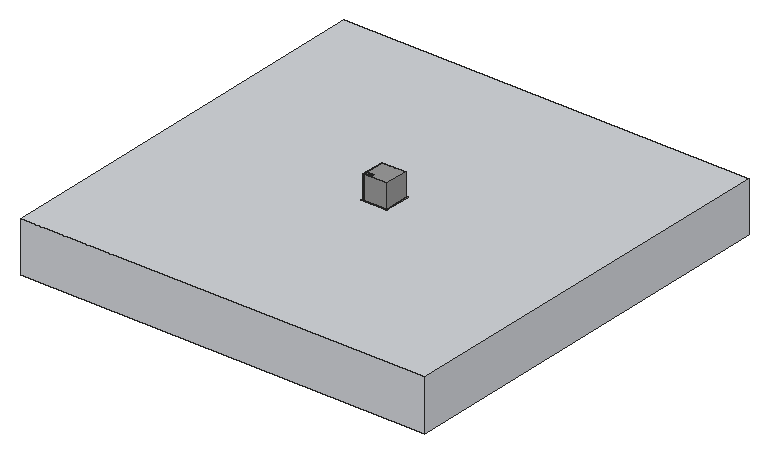
Revit family "LAMP_PUZZLE IND", category Modelos genéricos, Revit 2015
Parameters (values of type "1405LM 3000 BLACK FLOOD")
  Weight = 1.09 kg
  Type = "COB PHILIPS"
  Protection rating = "IP20"
  Product datasheet = "http://www.lamp.es/product-files/TECH/PU2RE115FL830NB-EN.pdf"
  Product code = "PU2RE115FL830NB"
  Product URL = "http://www.lamp.es/en/family/puzzle_33321"
  Power Supply = "220-240V 50-60Hz"
  Power = 8 W
  Plum = 9.7 W
  Photometric web file = Aro exterior : 1405LM 3000 BLACK FLOOD
  Modelo = Product code  # "PU2RE115FL830NB"
  Model explanation = "Availability of tilting between -25º and 25º in both directions when placed in a project."  # constant formula
  Material caja = LAMP_Aluminio aro Puzzle BL
  Manufacturer name = "LAMP"
  Manufacturer country = "Spain"
  Manufacturer URL = "http://www.lamp.es/en"
  MacAdam = "3"
  Luminaire type = "Indoor - Recesses luminaire"
  Last update = "24/07/2018"
  Lamp = "COB LED"
  LED Lifetime = "50.000 L90 B10"
  Interior Tilting [instance] = 0.00°
  Insulation class = "II"
  Installation instructions = "http://www.lamp.es/product-files/INS/1000620-L-INSTR.%20LUMINARIA%20PUZZLE%20PARA%20PROYECCI%C3%93N.pdf"
  Initial intensity = 1405 lm
  Initial color = 3000 K
  IEE = "A++"
  Height = 139 mm
  Gear = "Electronic"
  Finish = "Matte black"
  Fabricante = Manufacturer name  # "LAMP"
  Exterior Tilting [instance] = 0.00°
  Default Elevation = 1219.2 mm
  Efficacy = 144.8 lm/W
  Dimensions = "140 x 140 x 139"
  Descripción = "PUZZLE G2 IND 1500 WW FL BK."
  Comentarios de tipo = Model explanation  # "Availability of tilting between -25º and 25º in both directions when placed in a project."
  CRI = "80"
  Angulo aro interior [instance] = if(Interior Tilting < -25.00°, 65.00°, if(Interior Tilting > 25.00°, 115.00°, Interior Tilting + 90.00°))  # 90.00°
  Angulo aro exterior [instance] = if(Exterior Tilting < -25.00°, 65.00°, if(Exterior Tilting > 25.00°, 115.00°, Exterior Tilting + 90.00°))  # 90.00°
Types (32, lengths in mm): name | Weight | Product datasheet | Product code | Power | Plum | Photometric web file | Modelo | Material caja | LED Lifetime | Initial intensity | Initial color | IEE | Finish | Efficacy | Descripción
  1405LM 3000 BLACK FLOOD | 1.09 kg | "http://www.lamp.es/product-files/TECH/PU2RE115FL830NB-EN.pdf" | "PU2RE115FL830NB" | 8 W | 9.7 W | Aro exterior : 1405LM 3000 BLACK FLOOD | "PU2RE115FL830NB" | LAMP_Aluminio aro Puzzle BL | "50.000 L90 B10" | 1405 lm | 3000 K | "A++" | "Matte black" | 144.8 lm/W | "PUZZLE G2 IND 1500 WW FL BK."
  1405LM 3000 WHITE FLOOD | 1.09 kg | "http://www.lamp.es/product-files/TECH/PU2RE115FL830NW-EN.pdf" | "PU2RE115FL830NW" | 8 W | 9.7 W | Aro exterior : 1405LM 3000 WHITE FLOOD | "PU2RE115FL830NW" | LAMP_Aluminio aro Puzzle WH | "50.000 L90 B10" | 1405 lm | 3000 K | "A++" | "Matte white" | 144.8 lm/W | "PUZZLE G2 IND 1500 WW FL WH."
  1421LM 3000 BLACK MEDIUM FLOOD | 1.09 kg | "http://www.lamp.es/product-files/TECH/PU2RE115MF830NB-EN.pdf" | "PU2RE115MF830NB" | 8 W | 9.7 W | Aro exterior : 1421LM 3000 BLACK MEDIUM FLOOD | "PU2RE115MF830NB" | LAMP_Aluminio aro Puzzle BL | "50.000 L90 B10" | 1421 lm | 3000 K | "A++" | "Matte black" | 146.5 lm/W | "PUZZLE G2 IND 1500 WW MFL BK."
  1421LM 3000 WHITE MEDIUM FLOOD | 1.09 kg | "http://www.lamp.es/product-files/TECH/PU2RE115MF830NW-EN.pdf" | "PU2RE115MF830NW" | 8 W | 9.7 W | Aro exterior : 1421LM 3000 WHITE MEDIUM FLOOD | "PU2RE115MF830NW" | LAMP_Aluminio aro Puzzle WH | "50.000 L90 B10" | 1421 lm | 3000 K | "A++" | "Matte white" | 146.5 lm/W | "PUZZLE G2 IND 1500 WW MFL WH."
  1464LM 4000 BLACK FLOOD | 1.09 kg | "http://www.lamp.es/product-files/TECH/PU2RE115FL840NB-EN.pdf" | "PU2RE115FL840NB" | 8 W | 9.7 W | Aro exterior : 1464LM 4000 BLACK FLOOD | "PU2RE115FL840NB" | LAMP_Aluminio aro Puzzle BL | "50.000 L90 B10" | 1464 lm | 4000 K | "A++" | "Matte black" | 150.9 lm/W | "PUZZLE G2 IND 1500 NW FL BK."
  1464LM 4000 WHITE FLOOD | 1.09 kg | "http://www.lamp.es/product-files/TECH/PU2RE115FL840NW-EN.pdf" | "PU2RE115FL840NW" | 8 W | 9.7 W | Aro exterior : 1464LM 4000 WHITE FLOOD | "PU2RE115FL840NW" | LAMP_Aluminio aro Puzzle WH | "50.000 L90 B10" | 1464 lm | 4000 K | "A++" | "Matte white" | 150.9 lm/W | "PUZZLE G2 IND 1500 NW FL WH."
  1480LM 4000 BLACK MEDIUM FLOOD | 1.09 kg | "http://www.lamp.es/product-files/TECH/PU2RE115MF840NB-EN.pdf" | "PU2RE115MF840NB" | 8 W | 9.7 W | Aro exterior : 1480LM 4000 BLACK MEDIUM FLOOD | "PU2RE115MF840NB" | LAMP_Aluminio aro Puzzle BL | "50.000 L90 B10" | 1480 lm | 4000 K | "A++" | "Matte black" | 152.6 lm/W | "PUZZLE G2 IND 1500 NW MFL BK."
  1480LM 4000 WHITE MEDIUM FLOOD | 1.09 kg | "http://www.lamp.es/product-files/TECH/PU2RE115MF840NW-EN.pdf" | "PU2RE115MF840NW" | 8 W | 9.7 W | Aro exterior : 1480LM 4000 WHITE MEDIUM FLOOD | "PU2RE115MF840NW" | LAMP_Aluminio aro Puzzle WH | "50.000 L90 B10" | 1480 lm | 4000 K | "A++" | "Matte white" | 152.6 lm/W | "PUZZLE G2 IND 1500 NW MFL WH."
  2344LM 3000 BLACK FLOOD | 1.09 kg | "http://www.lamp.es/product-files/TECH/PU2RE125FL830NB-EN.pdf" | "PU2RE125FL830NB" | 18 W | 18.9 W | Aro exterior : 2344LM 3000 BLACK FLOOD | "PU2RE125FL830NB" | LAMP_Aluminio aro Puzzle BL | "50.000 L80 B10" | 2344 lm | 3000 K | "A++" | "Matte black" | 124 lm/W | "PUZZLE G2 IND 2500 WW FL BK."
  2344LM 3000 WHITE FLOOD | 1.09 kg | "http://www.lamp.es/product-files/TECH/PU2RE125FL830NW-EN.pdf" | "PU2RE125FL830NW" | 18 W | 18.9 W | Aro exterior : 2344LM 3000 WHITE FLOOD | "PU2RE125FL830NW" | LAMP_Aluminio aro Puzzle WH | "50.000 L80 B10" | 2344 lm | 3000 K | "A++" | "Matte white" | 124 lm/W | "PUZZLE G2 IND 2500 WW FL WH."
  2368LM 3000 BLACK MEDIUM FLOOD | 1.09 kg | "http://www.lamp.es/product-files/TECH/PU2RE125MF830NB-EN.pdf" | "PU2RE125MF830NB" | 18 W | 18.9 W | Aro exterior : 2368LM 3000 BLACK MEDIUM FLOOD | "PU2RE125MF830NB" | LAMP_Aluminio aro Puzzle BL | "50.000 L80 B10" | 2368 lm | 3000 K | "A++" | "Matte black" | 125.3 lm/W | "PUZZLE G2 IND 2500 WW MFL BK."
  2368LM 3000 WHITE MEDIUM FLOOD | 1.09 kg | "http://www.lamp.es/product-files/TECH/PU2RE125MF830NW-EN.pdf" | "PU2RE125MF830NW" | 18 W | 18.9 W | Aro exterior : 2368LM 3000 WHITE MEDIUM FLOOD | "PU2RE125MF830NW" | LAMP_Aluminio aro Puzzle WH | "50.000 L80 B10" | 2368 lm | 3000 K | "A++" | "Matte white" | 125.3 lm/W | "PUZZLE G2 IND 2500 WW MFL WH."
  2442LM 4000 BLACK FLOOD | 1.09 kg | "http://www.lamp.es/product-files/TECH/PU2RE125FL840NB-EN.pdf" | "PU2RE125FL840NB" | 18 W | 18.9 W | Aro exterior : 2442LM 4000 BLACK FLOOD | "PU2RE125FL840NB" | LAMP_Aluminio aro Puzzle BL | "50.000 L80 B10" | 2442 lm | 4000 K | "A++" | "Matte black" | 129.2 lm/W | "PUZZLE G2 IND 2500 NW FL BK."
  2442LM 4000 WHITE FLOOD | 1.09 kg | "http://www.lamp.es/product-files/TECH/PU2RE125FL840NW-EN.pdf" | "PU2RE125FL840NW" | 18 W | 18.9 W | Aro exterior : 2442LM 4000 WHITE FLOOD | "PU2RE125FL840NW" | LAMP_Aluminio aro Puzzle WH | "50.000 L80 B10" | 2442 lm | 4000 K | "A++" | "Matte white" | 129.2 lm/W | "PUZZLE G2 IND 2500 NW FL WH."
  2466LM 4000 BLACK MEDIUM FLOOD | 1.09 kg | "http://www.lamp.es/product-files/TECH/PU2RE125MF840NB-EN.pdf" | "PU2RE125MF840NB" | 18 W | 18.9 W | Aro exterior : 2466LM 4000 BLACK MEDIUM FLOOD | "PU2RE125MF840NB" | LAMP_Aluminio aro Puzzle BL | "50.000 L80 B10" | 2466 lm | 4000 K | "A++" | "Matte black" | 130.5 lm/W | "PUZZLE G2 IND 2500 NW MFL BK."
  2466LM 4000 WHITE MEDIUM FLOOD | 1.09 kg | "http://www.lamp.es/product-files/TECH/PU2RE125MF840NW-EN.pdf" | "PU2RE125MF840NW" | 18 W | 18.9 W | Aro exterior : 2466LM 4000 WHITE MEDIUM FLOOD | "PU2RE125MF840NW" | LAMP_Aluminio aro Puzzle WH | "50.000 L80 B10" | 2466 lm | 4000 K | "A++" | "Matte white" | 130.5 lm/W | "PUZZLE G2 IND 2500 NW MFL WH."
  3197LM 3000 BLACK FLOOD | 1.142 kg | "http://www.lamp.es/product-files/TECH/PU2RE135FL830NB-EN.pdf" | "PU2RE135FL830NB" | 27 W | 33.1 W | Aro exterior : 3197LM 3000 BLACK FLOOD | "PU2RE135FL830NB" | LAMP_Aluminio aro Puzzle BL | "50.000 L70 B10" | 3197 lm | 3000 K | "A+" | "Matte black" | 96.6 lm/W | "PUZZLE G2 IND 3500 WW FL BK."
  3197LM 3000 WHITE FLOOD | 1.142 kg | "http://www.lamp.es/product-files/TECH/PU2RE135FL830NW-EN.pdf" | "PU2RE135FL830NW" | 27 W | 33.1 W | Aro exterior : 3197LM 3000 WHITE FLOOD | "PU2RE135FL830NW" | LAMP_Aluminio aro Puzzle WH | "50.000 L70 B10" | 3197 lm | 3000 K | "A+" | "Matte white" | 96.6 lm/W | "PUZZLE G2 IND 3500 WW FL WH."
  3229LM 3000 BLACK MEDIUM FLOOD | 1.142 kg | "http://www.lamp.es/product-files/TECH/PU2RE135MF830NB-EN.pdf" | "PU2RE135MF830NB" | 27 W | 33.1 W | Aro exterior : 3229LM 3000 BLACK MEDIUM FLOOD | "PU2RE135MF830NB" | LAMP_Aluminio aro Puzzle BL | "50.000 L70 B10" | 3229 lm | 3000 K | "A+" | "Matte black" | 97.6 lm/W | "PUZZLE G2 IND 3500 WW MFL BK."
  3229LM 3000 WHITE MEDIUM FLOOD | 1.142 kg | "http://www.lamp.es/product-files/TECH/PU2RE135MF830NW-EN.pdf" | "PU2RE135MF830NW" | 27 W | 33.1 W | Aro exterior : 3229LM 3000 WHITE MEDIUM FLOOD | "PU2RE135MF830NW" | LAMP_Aluminio aro Puzzle WH | "50.000 L70 B10" | 3229 lm | 3000 K | "A+" | "Matte white" | 97.6 lm/W | "PUZZLE G2 IND 3500 WW MFL WH."
  3330LM 4000 BLACK FLOOD | 1.142 kg | "http://www.lamp.es/product-files/TECH/PU2RE135FL840NB-EN.pdf" | "PU2RE135FL840NB" | 27 W | 33.1 W | Aro exterior : 3330LM 4000 BLACK FLOOD | "PU2RE135FL840NB" | LAMP_Aluminio aro Puzzle BL | "50.000 L70 B10" | 3330 lm | 4000 K | "A+" | "Matte black" | 100.6 lm/W | "PUZZLE G2 IND 3500 NW FL BK."
  3330LM 4000 WHITE FLOOD | 1.142 kg | "http://www.lamp.es/product-files/TECH/PU2RE135FL840NW-EN.pdf" | "PU2RE135FL840NW" | 27 W | 33.1 W | Aro exterior : 3330LM 4000 WHITE FLOOD | "PU2RE135FL840NW" | LAMP_Aluminio aro Puzzle WH | "50.000 L70 B10" | 3330 lm | 4000 K | "A+" | "Matte white" | 100.6 lm/W | "PUZZLE G2 IND 3500 NW FL WH."
  3363LM 4000 BLACK MEDIUM FLOOD | 1.142 kg | "http://www.lamp.es/product-files/TECH/PU2RE135MF840NB-EN.pdf" | "PU2RE135MF840NB" | 27 W | 33.1 W | Aro exterior : 3363LM 4000 BLACK MEDIUM FLOOD | "PU2RE135MF840NB" | LAMP_Aluminio aro Puzzle BL | "50.000 L70 B10" | 3363 lm | 4000 K | "A+" | "Matte black" | 101.6 lm/W | "PUZZLE G2 IND 3500 NW MFL BK."
  3363LM 4000 WHITE MEDIUM FLOOD | 1.142 kg | "http://www.lamp.es/product-files/TECH/PU2RE135MF840NW-EN.pdf" | "PU2RE135MF840NW" | 27 W | 33.1 W | Aro exterior : 3363LM 4000 WHITE MEDIUM FLOOD | "PU2RE135MF840NW" | LAMP_Aluminio aro Puzzle WH | "50.000 L70 B10" | 3363 lm | 4000 K | "A+" | "Matte white" | 101.6 lm/W | "PUZZLE G2 IND 3500 NW MFL WH."
  4051LM 3000 BLACK MEDIUM FLOOD | 1.22 kg | "http://www.lamp.es/product-files/TECH/PU2RE145MF830NB-EN.pdf" | "PU2RE145MF830NB" | 33 W | 38.2 W | Aro exterior : 4051LM 3000 BLACK MEDIUM FLOOD | "PU2RE145MF830NB" | LAMP_Aluminio aro Puzzle BL | "50.000 L80 B10" | 4051 lm | 3000 K | "A+" | "Matte black" | 106 lm/W | "PUZZLE G2 IND 4600 WW MFL BK."
  4051LM 3000 WHITE MEDIUM FLOOD | 1.22 kg | "http://www.lamp.es/product-files/TECH/PU2RE145MF830NW-EN.pdf" | "PU2RE145MF830NW" | 33 W | 38.2 W | Aro exterior : 4051LM 3000 WHITE MEDIUM FLOOD | "PU2RE145MF830NW" | LAMP_Aluminio aro Puzzle WH | "50.000 L80 B10" | 4051 lm | 3000 K | "A+" | "Matte white" | 106 lm/W | "PUZZLE G2 IND 4600 WW MFL WH."
  4137LM 3000 BLACK FLOOD | 1.22 kg | "http://www.lamp.es/product-files/TECH/PU2RE145FL830NB-EN.pdf" | "PU2RE145FL830NB" | 33 W | 38.2 W | Aro exterior : 4137LM 3000 BLACK FLOOD | "PU2RE145FL830NB" | LAMP_Aluminio aro Puzzle BL | "50.000 L80 B10" | 4137 lm | 3000 K | "A+" | "Matte black" | 108.3 lm/W | "PUZZLE G2 IND 4600 WW FL BK."
  4137LM 3000 WHITE FLOOD | 1.22 kg | "http://www.lamp.es/product-files/TECH/PU2RE145FL830NW-EN.pdf" | "PU2RE145FL830NW" | 33 W | 38.2 W | Aro exterior : 4137LM 3000 WHITE FLOOD | "PU2RE145FL830NW" | LAMP_Aluminio aro Puzzle WH | "50.000 L80 B10" | 4137 lm | 3000 K | "A+" | "Matte white" | 108.3 lm/W | "PUZZLE G2 IND 4600 WW FL WH."
  4220LM 4000 BLACK MEDIUM FLOOD | 1.22 kg | "http://www.lamp.es/product-files/TECH/PU2RE145MF840NB-EN.pdf" | "PU2RE145MF840NB" | 33 W | 38.2 W | Aro exterior : 4220LM 4000 BLACK MEDIUM FLOOD | "PU2RE145MF840NB" | LAMP_Aluminio aro Puzzle BL | "50.000 L80 B10" | 4220 lm | 4000 K | "A+" | "Matte black" | 110.5 lm/W | "PUZZLE G2 IND 4600 NW MFL BK."
  4220LM 4000 WHITE MEDIUM FLOOD | 1.22 kg | "http://www.lamp.es/product-files/TECH/PU2RE145MF840NW-EN.pdf" | "PU2RE145MF840NW" | 33 W | 38.2 W | Aro exterior : 4220LM 4000 WHITE MEDIUM FLOOD | "PU2RE145MF840NW" | LAMP_Aluminio aro Puzzle WH | "50.000 L80 B10" | 4220 lm | 4000 K | "A+" | "Matte white" | 110.5 lm/W | "PUZZLE G2 IND 4600 NW MFL WH."
  4309LM 4000 BLACK FLOOD | 1.22 kg | "http://www.lamp.es/product-files/TECH/PU2RE145FL840NB-EN.pdf" | "PU2RE145FL840NB" | 33 W | 38.2 W | Aro exterior : 4309LM 4000 BLACK FLOOD | "PU2RE145FL840NB" | LAMP_Aluminio aro Puzzle BL | "50.000 L80 B10" | 4309 lm | 4000 K | "A+" | "Matte black" | 112.8 lm/W | "PUZZLE G2 IND 4600 NW FL BK."
  4309LM 4000 WHITE FLOOD | 1.22 kg | "http://www.lamp.es/product-files/TECH/PU2RE145FL840NW-EN.pdf" | "PU2RE145FL840NW" | 33 W | 38.2 W | Aro exterior : 4309LM 4000 WHITE FLOOD | "PU2RE145FL840NW" | LAMP_Aluminio aro Puzzle WH | "50.000 L80 B10" | 4309 lm | 4000 K | "A+" | "Matte white" | 112.8 lm/W | "PUZZLE G2 IND 4600 NW FL WH."
Reference planes
  plane 1 "Centro (Frontal/Posterior)": y = 0
  plane 2: z = 0
  plane 3 "Centro (Izquierda/Derecha)": x = 0
Forms (mm)
  Extrusion 1, solid
    sketch origin (0, 0, 0) x (1, 0, 0) y (0, 1, 0)
      loop
        line (-1219.2, 1219.2) -> (-1219.2, -1219.2) -> (1219.2, -1219.2) -> (1219.2, 1219.2) -> (-1219.2, 1219.2)
    from 0 to -304.8
  Extrusion 2, solid, material "LAMP_Aluminio aro Puzzle BL" <- "Material caja"
    sketch origin (0, 0, 0) x (1, 0, 0) y (0, 1, 0)
      loop
        line (-78.5, 78.5) -> (-78.5, -78.5) -> (78.5, -78.5) -> (78.5, 78.5) -> (-78.5, 78.5)
      loop
        line (69.5, 69.5) -> (-69.5, 69.5) -> (-69.5, -69.5) -> (69.5, -69.5) -> (69.5, 69.5)
    from 0 to 1
  Extrusion 3, solid, material "LAMP_Aluminio aro Puzzle BL" <- "Material caja"
    sketch origin (0, 0, 0) x (1, 0, 0) y (0, 1, 0)
      loop
        line (70.5, 70.5) -> (-70.5, 70.5) -> (-70.5, -70.5) -> (70.5, -70.5) -> (70.5, 70.5)
    from 1 to 140
  Extrusion 4, void
    sketch origin (0, 0, 0) x (1, 0, 0) y (0, 1, 0)
      loop
        line (-69.5, 69.5) -> (-69.5, -69.5) -> (69.5, -69.5) -> (69.5, 69.5) -> (-69.5, 69.5)
    from 0 to 139
  Extrusion 5, solid, material "LAMP_Aluminio aro Puzzle BL" <- "Material caja"
    sketch origin (0, 0, 0) x (1, 0, 0) y (0, 1, 0)
      loop
        arc (-65.16, -65.541) -> (-64.942, -66.068) -> (-64.415, -66.286) r 0.745
        line (-64.415, -66.286) -> (-59.875, -66.286)
        arc (-59.875, -66.286) -> (-59.425, -66.142) -> (-59.142, -65.763) r 0.775
        line (-59.142, -65.763) -> (-54.602, -52.568) -> (-50.087, -65.691)
        arc (-50.087, -65.691) -> (-49.821, -66.047) -> (-49.399, -66.182) r 0.727
        line (-49.399, -66.182) -> (-45.978, -66.182)
        arc (-45.978, -66.182) -> (-45.463, -65.968) -> (-45.249, -65.453) r 0.729
        line (-45.249, -65.453) -> (-45.249, -52.637) -> (-41.295, -56.591) -> (-37.19, -52.485) -> (-37.19, -65.579)
        arc (-37.19, -65.579) -> (-36.983, -66.079) -> (-36.482, -66.286) r 0.708
        line (-36.482, -66.286) -> (-31.405, -66.286)
        arc (-31.405, -66.286) -> (-30.864, -66.062) -> (-30.639, -65.52) r 0.766
        line (-30.639, -65.52) -> (-30.639, -53.12)
        arc (-30.639, -53.12) -> (-30.423, -52.597) -> (-29.899, -52.38) r 0.74
        line (-29.899, -52.38) -> (-26.455, -52.38)
        arc (-26.455, -52.38) -> (-25.916, -52.603) -> (-25.693, -53.142) r 0.762
        line (-25.693, -53.142) -> (-25.693, -55.745)
        arc (-25.693, -55.745) -> (-25.915, -56.28) -> (-26.451, -56.502) r 0.758
        line (-26.451, -56.502) -> (-29.622, -56.502)
        arc (-29.622, -56.502) -> (-30.446, -57.327) -> (-29.622, -58.151) r 0.824
        line (-29.622, -58.151) -> (-24.783, -58.151)
        arc (-24.783, -58.151) -> (-24.261, -57.934) -> (-24.044, -57.412) r 0.739
        line (-24.044, -57.412) -> (-24.044, -51.507)
        arc (-24.044, -51.507) -> (-24.271, -50.959) -> (-24.82, -50.731) r 0.776
        line (-24.82, -50.731) -> (-31.522, -50.731)
        arc (-31.522, -50.731) -> (-32.064, -50.956) -> (-32.288, -51.497) r 0.766
        line (-32.288, -51.497) -> (-32.288, -63.892)
        arc (-32.288, -63.892) -> (-32.513, -64.434) -> (-33.055, -64.659) r 0.766
        line (-33.055, -64.659) -> (-34.75, -64.659)
        arc (-34.75, -64.659) -> (-35.289, -64.435) -> (-35.512, -63.897) r 0.762
        line (-35.512, -63.897) -> (-35.512, -52.249)
        arc (-35.512, -52.249) -> (-36.708, -50.587) -> (-38.665, -51.193) r 1.753
        line (-38.665, -51.193) -> (-41.295, -53.823) -> (-43.926, -51.193)
        arc (-43.926, -51.193) -> (-45.882, -50.587) -> (-47.078, -52.249) r 1.753
        line (-47.078, -52.249) -> (-47.078, -63.71)
        arc (-47.078, -63.71) -> (-47.868, -64.643) -> (-48.919, -64.018) r 0.946
        line (-48.919, -64.018) -> (-53.126, -51.785)
        arc (-53.126, -51.785) -> (-54.602, -50.731) -> (-56.078, -51.785) r 1.561
        line (-56.078, -51.785) -> (-60.327, -64.14)
        arc (-60.327, -64.14) -> (-60.608, -64.516) -> (-61.054, -64.659) r 0.768
        line (-61.054, -64.659) -> (-62.779, -64.659)
        arc (-62.779, -64.659) -> (-63.297, -64.444) -> (-63.511, -63.926) r 0.733
        line (-63.511, -63.926) -> (-63.511, -51.468)
        arc (-63.511, -51.468) -> (-64.336, -50.644) -> (-65.16, -51.468) r 0.824
        line (-65.16, -51.468) -> (-65.16, -65.541)
    from 140 to 141
Cuts and joins
  Extrusion 4 cuts Extrusion 3
  joined: Extrusion 2, Extrusion 3
Text (mm)
  text "Any modification of the parameters and properties of the LAMP BIM models must be executed and validated by the LAMP technical department.\n\nPhone: +34 93 736 68 00\n\nE-mail: lamp@lamp.es\n\n\n\nLAMP reserves the right to modify the technical specifications of its products." at (-20699.078, 12903.894, -10290.96), in view "Preview"
Dimensions and locks
  aligned and locked: plane 2 to Extrusion 1
  aligned and locked: level to Extrusion 1
Nested families
  nested 1: "Aro exterior" at (0, 0, 0), type <- "Photometric web file", type "1405LM 3000 BLACK FLOOD"
Connectors
  electrical at (0, 0, 140)
    settings: on cut or joined group of Extrusion 2, Extrusion 3, Extrusion 4, index 1, voltage 230 V, apparent load 0 VA, apparent load phase1 0 VA, apparent load phase2 0 VA, apparent load phase3 0 VA, power factor 1, load classification "Otro", number of poles 1, system type 31, power factor state 1, is connector primary yes, connector utility no, sub classification motor no, connector description ""
Definition of nested family "Aro exterior"
  Parameters (values of type "1405LM 3000 BLACK FLOOD")
    Exterior tilting = 90.00°
    Interior tilting = 90.00°
    Photometric web file = Aro interior : 1405LM 3000 BLACK FLOOD
    Material aro = none
  Types (33, lengths in mm): name | Photometric web file
    (no name) | Aro interior : 1405LM 3000 BLACK FLOOD
    1405LM 3000 BLACK FLOOD | Aro interior : 1405LM 3000 BLACK FLOOD
    1405LM 3000 WHITE FLOOD | Aro interior : 1405LM 3000 WHITE FLOOD
    1421LM 3000 BLACK MEDIUM FLOOD | Aro interior : 1421LM 3000 BLACK MEDIUM FLOOD
    1421LM 3000 WHITE MEDIUM FLOOD | Aro interior : 1421LM 3000 WHITE MEDIUM FLOOD
    1464LM 4000 BLACK FLOOD | Aro interior : 1464LM 4000 BLACK FLOOD
    1464LM 4000 WHITE FLOOD | Aro interior : 1464LM 4000 WHITE FLOOD
    1480LM 4000 BLACK MEDIUM FLOOD | Aro interior : 1480LM 4000 BLACK MEDIUM FLOOD
    1480LM 4000 WHITE MEDIUM FLOOD | Aro interior : 1480LM 4000 WHITE MEDIUM FLOOD
    2344LM 3000 BLACK FLOOD | Aro interior : 2344LM 3000 BLACK FLOOD
    2344LM 3000 WHITE FLOOD | Aro interior : 2344LM 3000 WHITE FLOOD
    2368LM 3000 BLACK MEDIUM FLOOD | Aro interior : 2368LM 3000 BLACK MEDIUM FLOOD
    2368LM 3000 WHITE MEDIUM FLOOD | Aro interior : 2368LM 3000 WHITE MEDIUM FLOOD
    2442LM 4000 BLACK FLOOD | Aro interior : 2442LM 4000 BLACK FLOOD
    2442LM 4000 WHITE FLOOD | Aro interior : 2442LM 4000 WHITE FLOOD
    2466LM 4000 BLACK MEDIUM FLOOD | Aro interior : 2466LM 4000 BLACK MEDIUM FLOOD
    2466LM 4000 WHITE MEDIUM FLOOD | Aro interior : 2466LM 4000 WHITE MEDIUM FLOOD
    3197LM 3000 BLACK FLOOD | Aro interior : 3197LM 3000 BLACK FLOOD
    3197LM 3000 WHITE FLOOD | Aro interior : 3197LM 3000 WHITE FLOOD
    3229LM 3000 BLACK MEDIUM FLOOD | Aro interior : 3229LM 3000 BLACK MEDIUM FLOOD
    3229LM 3000 WHITE MEDIUM FLOOD | Aro interior : 3229LM 3000 WHITE MEDIUM FLOOD
    3330LM 4000 BLACK FLOOD | Aro interior : 3330LM 4000 BLACK FLOOD
    3330LM 4000 WHITE FLOOD | Aro interior : 3330LM 4000 WHITE FLOOD
    3363LM 4000 BLACK MEDIUM FLOOD | Aro interior : 3363LM 4000 BLACK MEDIUM FLOOD
    3363LM 4000 WHITE MEDIUM FLOOD | Aro interior : 3363LM 4000 WHITE MEDIUM FLOOD
    4051LM 3000 BLACK MEDIUM FLOOD | Aro interior : 4051LM 3000 BLACK MEDIUM FLOOD
    4051LM 3000 WHITE MEDIUM FLOOD | Aro interior : 4051LM 3000 WHITE MEDIUM FLOOD
    4137LM 3000 BLACK FLOOD | Aro interior : 4137LM 3000 BLACK FLOOD
    4137LM 3000 WHITE FLOOD | Aro interior : 4137LM 3000 WHITE FLOOD
    4220LM 4000 BLACK MEDIUM FLOOD | Aro interior : 4220LM 4000 BLACK MEDIUM FLOOD
    4220LM 4000 WHITE MEDIUM FLOOD | Aro interior : 4220LM 4000 WHITE MEDIUM FLOOD
    4309LM 4000 BLACK FLOOD | Aro interior : 4309LM 4000 BLACK FLOOD
    4309LM 4000 WHITE FLOOD | Aro interior : 4309LM 4000 WHITE FLOOD
  Reference planes
    plane 1 "Centro (Frontal/Posterior)": y = 0
    plane 2: z = 0
    plane 3 "Centro (Izquierda/Derecha)": x = 0
  Forms (mm)
    Revolve 1, solid, material <- "Material aro"
      sketch origin (0, 0, 0) x (0, -1, 0) y (0, 0, -1)
        loop
          line (61.2, 0) -> (61.2, -4.112) -> (62.81, -4.112) -> (64.5, -20) -> (67, -20) -> (65, -1.2)
          arc (65, -1.2) -> (64.649, -0.351) -> (63.8, 0) r 1.2
          line (63.8, 0) -> (61.2, 0)
        axis (0, 0) -> (0, -20)
      angle from 0 to 360
  Lines and regions (mm)
    reference lines
      curve 1: line (0, 0, 0) -> (0, -100, 0)
  Dimensions and locks
    "Exterior tilting": angle plane 1 "Centro (Frontal/Posterior)" to curve 1
    aligned and locked: level to plane 2
    aligned and locked: plane 1 "Centro (Frontal/Posterior)" to curve 1
    aligned and locked: plane 2 to curve 1
  Automatic sketch dimensions
    Revolve 1 sketch curve to curve 1 = 0 mm  (x2)
    Revolve 1 sketch curve to curve 1 = 1261.835 mm
    curve 1 to Revolve 1 sketch curve = 115.333 mm
    Revolve 1 sketch curve to curve 1 = 38.8 mm
    curve 1 to Revolve 1 sketch curve = 4.112 mm
    Revolve 1 sketch curve to Revolve 1 sketch curve = 1.61 mm
    curve 1 to Revolve 1 sketch curve = 1.2 mm
    Revolve 1 sketch curve to Revolve 1 sketch curve = 2.6 mm
    Revolve 1 sketch curve to Revolve 1 sketch curve = 1.69 mm
    Revolve 1 sketch curve to Revolve 1 sketch curve = 2.5 mm
    Revolve 1 sketch curve to Revolve 1 sketch curve = 15.888 mm
  Nested families
    nested 1: "Aro interior" at (0, 0, -1520), type <- "Photometric web file", type "1405LM 3000 BLACK FLOOD"
  Definition of nested family "Aro interior"
    Parameters (values of type "1421LM 3000 BLACK MEDIUM FLOOD")
      Tilt Angle = Tilting 1  # 90.00°
      Wattage = 9.7 W
      Tilting 1 = 90.00°
      built-in parameter 1150110 = 1 (stored number, unit not read)
      Material Reflector = none
      Material COB = none
      Material Aro = none
      built-in parameter 1114217 = 1 (stored number, unit not read)
      built-in parameter 1150109 = 1 (stored number, unit not read)
      Default Elevation = 1219.2 mm
      built-in parameter 1150134 = (empty or 0)
      built-in parameter 1150113 = 1 (stored number, unit not read)
      Lumens = 1421.05 lm
      built-in parameter 1150115 = 1 (stored number, unit not read)
      built-in parameter 1150105 = 2804 (stored number, unit not read)
      built-in parameter 1150137 = (empty or 0)
      built-in parameter 1150139 = (empty or 0)
      built-in parameter 1150112 = 1 (stored number, unit not read)
      built-in parameter 1150114 = 1 (stored number, unit not read)
      built-in parameter 1150132 = 2
      built-in parameter 1150102 = (empty or 0)
      built-in parameter 1150138 = (empty or 0)
      built-in parameter 1150107 = 3000 (stored number, unit not read)
      built-in parameter 1150106 = 28.04 (stored number, unit not read)
      built-in parameter 1150104 = 13.61 (stored number, unit not read)
      Dimming Lamp Color Temperature Shift = (empty or 0)
      Color Filter = 16777215
      built-in parameter 1114218 = 1 (stored number, unit not read)
      Photometric Web File = "PU2RE115MF830NB.IES"
      built-in parameter 1150133 = 10 (stored number, unit not read)
    Types (33, lengths in mm): name | Wattage | built-in parameter 1150134 | Lumens | built-in parameter 1150105 | built-in parameter 1150107 | built-in parameter 1150106 | built-in parameter 1150104 | Photometric Web File
      (no name) | 9.7 W | (empty or 0) | 1421.05 lm | 2804 (stored number, unit not read) | 3000 (stored number, unit not read) | 28.04 (stored number, unit not read) | 13.61 (stored number, unit not read) | "PU2RE115MF830NB.IES"
      1405LM 3000 BLACK FLOOD | 9.7 W | (empty or 0) | 1404.56 lm | 2771.5 (stored number, unit not read) | 3000 (stored number, unit not read) | 27.715 (stored number, unit not read) | 13.452 (stored number, unit not read) | "PU2RE115FL830NB.IES"
      1405LM 3000 WHITE FLOOD | 9.7 W | (empty or 0) | 1404.56 lm | 2771.5 (stored number, unit not read) | 3000 (stored number, unit not read) | 27.715 (stored number, unit not read) | 13.452 (stored number, unit not read) | "PU2RE115FL830NW.IES"
      1421LM 3000 BLACK MEDIUM FLOOD | 9.7 W | (empty or 0) | 1421.05 lm | 2804 (stored number, unit not read) | 3000 (stored number, unit not read) | 28.04 (stored number, unit not read) | 13.61 (stored number, unit not read) | "PU2RE115MF830NB.IES"
      1421LM 3000 WHITE MEDIUM FLOOD | 9.7 W | (empty or 0) | 1421.05 lm | 2804 (stored number, unit not read) | 3000 (stored number, unit not read) | 28.04 (stored number, unit not read) | 13.61 (stored number, unit not read) | "PU2RE115MF830NW.IES"
      1464LM 4000 BLACK FLOOD | 9.7 W | 12 | 1463.73 lm | 4884.5 (stored number, unit not read) | 4000 (stored number, unit not read) | 48.845 (stored number, unit not read) | 14.019 (stored number, unit not read) | "PU2RE115FL840NB.IES"
      1464LM 4000 WHITE FLOOD | 9.7 W | 12 | 1463.73 lm | 2888.2 (stored number, unit not read) | 4000 (stored number, unit not read) | 28.882 (stored number, unit not read) | 14.019 (stored number, unit not read) | "PU2RE115FL840NW.IES"
      1480LM 4000 BLACK MEDIUM FLOOD | 9.7 W | 12 | 1480.22 lm | 2920.7 (stored number, unit not read) | 4000 (stored number, unit not read) | 29.207 (stored number, unit not read) | 14.177 (stored number, unit not read) | "PU2RE115MF840NB.IES"
      1480LM 4000 WHITE MEDIUM FLOOD | 9.7 W | 12 | 1480.22 lm | 2920.7 (stored number, unit not read) | 4000 (stored number, unit not read) | 29.207 (stored number, unit not read) | 14.177 (stored number, unit not read) | "PU2RE115MF840NW.IES"
      2344LM 3000 BLACK FLOOD | 18.9 W | (empty or 0) | 2343.6 lm | 7820.6 (stored number, unit not read) | 3000 (stored number, unit not read) | 78.206 (stored number, unit not read) | 11.52 (stored number, unit not read) | "PU2RE125FL830NB.IES"
      2344LM 3000 WHITE FLOOD | 18.9 W | (empty or 0) | 2343.6 lm | 7820.6 (stored number, unit not read) | 3000 (stored number, unit not read) | 78.206 (stored number, unit not read) | 11.52 (stored number, unit not read) | "PU2RE125FL830NW.IES"
      2368LM 3000 BLACK MEDIUM FLOOD | 18.9 W | (empty or 0) | 2368.17 lm | 4793.7 (stored number, unit not read) | 3000 (stored number, unit not read) | 47.937 (stored number, unit not read) | 11.641 (stored number, unit not read) | "PU2RE125MF830NB.IES"
      2368LM 3000 WHITE MEDIUM FLOOD | 18.9 W | (empty or 0) | 2368.17 lm | 4793.7 (stored number, unit not read) | 3000 (stored number, unit not read) | 47.937 (stored number, unit not read) | 11.641 (stored number, unit not read) | "PU2RE125MF830NW.IES"
      2442LM 4000 BLACK FLOOD | 18.9 W | 12 | 2441.88 lm | 8148.6 (stored number, unit not read) | 4000 (stored number, unit not read) | 81.486 (stored number, unit not read) | 12.003 (stored number, unit not read) | "PU2RE125FL840NB.IES"
      2442LM 4000 WHITE FLOOD | 18.9 W | 12 | 2441.88 lm | 8148.6 (stored number, unit not read) | 4000 (stored number, unit not read) | 81.486 (stored number, unit not read) | 12.003 (stored number, unit not read) | "PU2RE125FL840NW.IES"
      2466LM 4000 BLACK MEDIUM FLOOD | 18.9 W | 12 | 2466.45 lm | 4992.7 (stored number, unit not read) | 4000 (stored number, unit not read) | 49.927 (stored number, unit not read) | 12.124 (stored number, unit not read) | "PU2RE125MF840NB.IES"
      2466LM 4000 WHITE MEDIUM FLOOD | 18.9 W | 12 | 2466.45 lm | 4992.7 (stored number, unit not read) | 4000 (stored number, unit not read) | 49.927 (stored number, unit not read) | 12.124 (stored number, unit not read) | "PU2RE125MF840NW.IES"
      3197LM 3000 BLACK FLOOD | 33.1 W | (empty or 0) | 3197.46 lm | 10670 (stored number, unit not read) | 3000 (stored number, unit not read) | 106.7 (stored number, unit not read) | 8.9744 (stored number, unit not read) | "PU2RE135FL830NB.IES"
      3197LM 3000 WHITE FLOOD | 33.1 W | (empty or 0) | 3197.46 lm | 10670 (stored number, unit not read) | 3000 (stored number, unit not read) | 106.7 (stored number, unit not read) | 8.9744 (stored number, unit not read) | "PU2RE135FL830NW.IES"
      3229LM 3000 BLACK MEDIUM FLOOD | 33.1 W | (empty or 0) | 3230.56 lm | 10780.5 (stored number, unit not read) | 3000 (stored number, unit not read) | 107.8 (stored number, unit not read) | 9.0673 (stored number, unit not read) | "PU2RE135MF830NB.IES"
      3229LM 3000 WHITE MEDIUM FLOOD | 33.1 W | (empty or 0) | 3230.56 lm | 10780.5 (stored number, unit not read) | 3000 (stored number, unit not read) | 107.8 (stored number, unit not read) | 9.0673 (stored number, unit not read) | "PU2RE135MF830NW.IES"
      3330LM 4000 BLACK FLOOD | 33.1 W | 12 | 3329.86 lm | 6853.6 (stored number, unit not read) | 4000 (stored number, unit not read) | 68.536 (stored number, unit not read) | 9.346 (stored number, unit not read) | "PU2RE135FL840NB.IES"
      3330LM 4000 WHITE FLOOD | 33.1 W | 12 | 3329.86 lm | 6853.6 (stored number, unit not read) | 4000 (stored number, unit not read) | 68.536 (stored number, unit not read) | 9.346 (stored number, unit not read) | "PU2RE135FL840NW.IES"
      3363LM 4000 BLACK MEDIUM FLOOD | 33.1 W | 12 | 3362.96 lm | 6921.7 (stored number, unit not read) | 4000 (stored number, unit not read) | 69.217 (stored number, unit not read) | 9.4389 (stored number, unit not read) | "PU2RE135MF840NB.IES"
      3363LM 4000 WHITE MEDIUM FLOOD | 33.1 W | 12 | 3362.96 lm | 6921.7 (stored number, unit not read) | 4000 (stored number, unit not read) | 69.217 (stored number, unit not read) | 9.4389 (stored number, unit not read) | "PU2RE135MF840NW.IES"
      4051LM 3000 BLACK MEDIUM FLOOD | 38.2 W | (empty or 0) | 4049.2 lm | 13512.3 (stored number, unit not read) | 3000 (stored number, unit not read) | 135.12 (stored number, unit not read) | 9.8477 (stored number, unit not read) | "PU2RE145MF830NB.IES"
      4051LM 3000 WHITE MEDIUM FLOOD | 38.2 W | (empty or 0) | 4049.2 lm | 13512.3 (stored number, unit not read) | 3000 (stored number, unit not read) | 135.12 (stored number, unit not read) | 9.8477 (stored number, unit not read) | "PU2RE145MF830NW.IES"
      4137LM 3000 BLACK FLOOD | 38.2 W | (empty or 0) | 4137.06 lm | 11389.9 (stored number, unit not read) | 3000 (stored number, unit not read) | 113.9 (stored number, unit not read) | 10.061 (stored number, unit not read) | "PU2RE145FL830NB.IES"
      4137LM 3000 WHITE FLOOD | 38.2 W | (empty or 0) | 4137.06 lm | 11389.9 (stored number, unit not read) | 3000 (stored number, unit not read) | 113.9 (stored number, unit not read) | 10.061 (stored number, unit not read) | "PU2RE145FL830NW.IES"
      4220LM 4000 BLACK MEDIUM FLOOD | 38.2 W | 12 | 4221.1 lm | 8318.4 (stored number, unit not read) | 4000 (stored number, unit not read) | 83.184 (stored number, unit not read) | 10.266 (stored number, unit not read) | "PU2RE145MF840NB.IES"
      4220LM 4000 WHITE MEDIUM FLOOD | 38.2 W | 12 | 4221.1 lm | 8318.4 (stored number, unit not read) | 4000 (stored number, unit not read) | 83.184 (stored number, unit not read) | 10.266 (stored number, unit not read) | "PU2RE145MF840NW.IES"
      4309LM 4000 BLACK FLOOD | 38.2 W | 12 | 4308.96 lm | 11863.2 (stored number, unit not read) | 4000 (stored number, unit not read) | 118.63 (stored number, unit not read) | 10.479 (stored number, unit not read) | "PU2RE145FL840NB.IES"
      4309LM 4000 WHITE FLOOD | 38.2 W | 12 | 4308.96 lm | 11863.2 (stored number, unit not read) | 4000 (stored number, unit not read) | 118.63 (stored number, unit not read) | 10.479 (stored number, unit not read) | "PU2RE145FL840NW.IES"
    Reference planes
      plane 1 "Eje de origen de luz (F/P)": y = 0
      plane 2: z = 0
      plane 3 "Eje de origen de luz (I/D)": x = 0
      plane 4 "Elevación de origen de luz": z = 1500
      plane 5: z = 1520
    Forms (mm)
      Revolve 1, solid, material <- "Material Aro"
        sketch origin (0, 0, 1520) x (1, 0, 0) y (0, 0, 1)
          loop
            line (-55.65, 14) -> (-55.65, 4.75) -> (-51.35, 4.75) -> (-51.35, 0) -> (0, 0) -> (0, 14) -> (-55.65, 14)
          axis (0, 14) -> (0, 0)
        angle from 0 to 360
      Extrusion 2, void
        sketch origin (0, 0, 1520) x (-1, 0, 0) y (0, -1, 0)
          loop
            circle (0, 0) r 51.35
        from 4.75 to 14
      Extrusion 3, void
        sketch origin (0, 0, 1520) x (-1, 0, 0) y (0, -1, 0)
          loop
            circle (0, 0) r 34.3
        from 0 to 4.75
      Revolve 4, solid, material <- "Material Reflector"
        sketch origin (0, 0, 1520) x (1, 0, 0) y (0, 0, 1)
          loop
            line (0, 4.75) -> (0, 54.75) -> (-10, 54.75)
            spline (-10, 54.75) -> (-13.008, 52.377) -> (-15.867, 49.677) -> (-18.578, 46.652) -> (-21.14, 43.301) -> (-23.555, 39.623) -> (-25.82, 35.619) -> (-27.938, 31.29) -> (-29.907, 26.634) -> (-31.728, 21.652) -> (-33.4, 16.344) -> (-34.924, 10.71) -> (-36.3, 4.75)
            line (-36.3, 4.75) -> (-35.3, 4.75) -> (0, 4.75)
          axis (0, 54.75) -> (0, 4.75)
        angle from 0 to 360
      Revolve 5, void
        sketch origin (0, 0, 1520) x (1, 0, 0) y (0, 0, 1)
          loop
            line (0, 4.75) -> (0, 54.75) -> (-8, 54.75)
            spline (-8, 54.75) -> (-11.008, 52.377) -> (-13.867, 49.677) -> (-16.578, 46.652) -> (-19.14, 43.301) -> (-21.555, 39.623) -> (-23.82, 35.619) -> (-25.938, 31.29) -> (-27.907, 26.634) -> (-29.728, 21.652) -> (-31.4, 16.344) -> (-32.924, 10.71) -> (-34.3, 4.75)
            line (-34.3, 4.75) -> (-33.3, 4.75) -> (0, 4.75)
          axis (0, 54.75) -> (0, 4.75)
        angle from 0 to 360
      Revolve 6, solid, material <- "Material COB"
        sketch origin (0, 0, 1520) x (1, 0, 0) y (0, 0, 1)
          loop
            line (0, 54.75) -> (10, 54.75) -> (10, 56.75) -> (0, 56.75) -> (0, 54.75)
          axis (0, 56.75) -> (0, 54.75)
        angle from 0 to 360
      Revolve 7, solid, material <- "Material Aro"
        sketch origin (0, 0, 1520) x (1, 0, 0) y (0, 0, 1)
          loop
            line (-59.2, 0) -> (-57.2, 0) -> (-57.2, 17) -> (-51.9, 17) -> (-51.9, 19) -> (-59.2, 19) -> (-59.2, 0)
          axis (0, 19) -> (0, 0)
        angle from 0 to 360
    Cuts and joins
      Extrusion 2, Extrusion 3 cuts Revolve 1
      Revolve 5 cuts Revolve 4
    Lines and regions (mm)
      reference lines
        curve 1: line (0, 0, 1520) -> (130, 0, 1520)
        curve 2: line (0, 0, 1500) -> (130, 0, 1500)
    Dimensions and locks
      "Tilting 1": angle plane 3 "Eje de origen de luz (I/D)" to curve 1
      aligned and locked: plane 1 "Eje de origen de luz (F/P)" to imposter light
      aligned and locked: level to plane 2
      aligned and locked: imposter light to curve 2  (x2)
      aligned and locked: plane 3 "Eje de origen de luz (I/D)" to curve 1
      aligned and locked: plane 5 to curve 1
    Automatic sketch dimensions
      Revolve 1 sketch curve to curve 1 = 0 mm  (x3)
      Revolve 1 sketch curve to curve 1 = 1791.696 mm
      curve 1 to Revolve 1 sketch curve = 14 mm
      curve 1 to Revolve 1 sketch curve = 182.626 mm
      Revolve 1 sketch curve to Revolve 1 sketch curve = 51.35 mm
      Revolve 1 sketch curve to Revolve 1 sketch curve = 4.3 mm
      Revolve 1 sketch curve to curve 1 = 4.75 mm
      Extrusion 2 sketch curve to curve 1 = 0 mm  (x2)
      Extrusion 3 sketch curve to curve 1 = 0 mm  (x2)
      Revolve 4 sketch curve to curve 1 = 0 mm  (x2)
      Revolve 4 sketch curve to curve 1 = 1791.696 mm
      curve 1 to Revolve 4 sketch curve = 4.75 mm
      curve 1 to Revolve 4 sketch curve = 54.75 mm
      curve 1 to Revolve 4 sketch curve = 182.626 mm
      Revolve 4 sketch curve to curve 1 = 10 mm
      Revolve 4 sketch curve to curve 1 = 35.3 mm
      Revolve 4 sketch curve to Revolve 4 sketch curve = 1 mm
      Revolve 5 sketch curve to curve 1 = 0 mm
      curve 1 to Revolve 5 sketch curve = 0 mm
      Revolve 5 sketch curve to curve 1 = 1791.696 mm
      curve 1 to Revolve 5 sketch curve = 4.75 mm
      curve 1 to Revolve 5 sketch curve = 54.75 mm
      curve 1 to Revolve 5 sketch curve = 182.626 mm
      Revolve 5 sketch curve to Revolve 5 sketch curve = 8 mm
      Revolve 5 sketch curve to Revolve 5 sketch curve = 33.3 mm
      Revolve 5 sketch curve to Revolve 5 sketch curve = 1 mm
      Revolve 6 sketch curve to curve 1 = 0 mm  (x2)
      Revolve 6 sketch curve to curve 1 = 1791.696 mm
      curve 1 to Revolve 6 sketch curve = 54.75 mm
      curve 1 to Revolve 6 sketch curve = 56.75 mm
      curve 1 to Revolve 6 sketch curve = 182.626 mm
      Revolve 6 sketch curve to Revolve 6 sketch curve = 10 mm
      curve 1 to curve 2 = 0 mm  (x2)
      curve 2 to curve 1 = 20 mm
      Revolve 7 sketch curve to curve 1 = 0 mm
      curve 1 to Revolve 7 sketch curve = 0 mm
      Revolve 7 sketch curve to curve 1 = 1791.696 mm
      curve 1 to Revolve 7 sketch curve = 182.626 mm
      Revolve 7 sketch curve to curve 1 = 17 mm
      Revolve 7 sketch curve to curve 1 = 51.9 mm
      Revolve 7 sketch curve to Revolve 7 sketch curve = 5.3 mm
      Revolve 7 sketch curve to Revolve 7 sketch curve = 2 mm  (x2)
      radius of Extrusion 2 sketch curve = 51.35 mm
      radius of Extrusion 3 sketch curve = 34.3 mm
